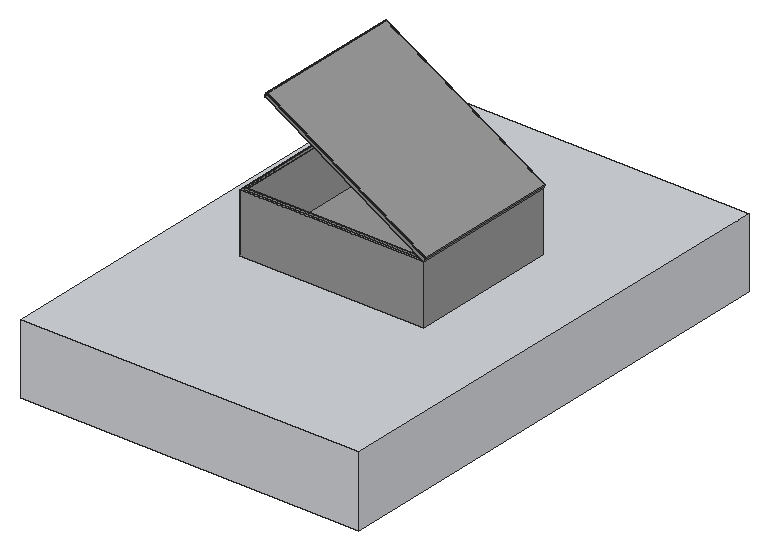
Revit family "Hager-Univers-IP55-D275-H650-Cl.II-Steel_encl-AT-de", category Equipement électrique, Revit 2020
Family settings
  Hôte = Face
  Configuration du panneau = Deux colonnes, circuits au sein
  Cote de connecteur circulaire = Utiliser le diamètre
  Type d'élément = Tableau de raccordement
  Couper avec des vides une fois chargée = Non
  Partagée = Non
  Point de calcul de pièce = Non
Parameters (values of type "Aufputz IP55 B800 H650 T275  - FR43S")
  Width Control [instance] = if([EF000008 - Breite] > Min Width, [EF000008 - Breite], Min Width)  # 800 mm
  Commentaires du type = [HG000003 - Bereich]  # "Univers"
  Thickness Door [instance] = if([EF009171 - Materialstärke Tür/Deckel] > 3 mm, 3 mm, [EF009171 - Materialstärke Tür/Deckel])  # 1.5 mm
  Seal Frame Offset [instance] = 17 mm  # constant formula
  Plinth Visibility [instance] = [HG000027 - Sockelhöhe] > 0 mm  # no
  Model = ""
  Min Width [instance] = 100 mm  # constant formula
  Min Height [instance] = 100 mm  # constant formula
  Min Depth [instance] = (2 * [EF009170 - Materialstärke Gehäuse]) + 1 mm  # 4 mm
  Internal Frame Depth [instance] = (Door System Depth * 0.5)  # 9 mm
  Height Control [instance] = if([EF000040 - Höhe] > Min Height, [EF000040 - Höhe], Min Height)  # 650 mm
  HG000027 - Sockelhöhe = 0 mm
  HG000026 - Stehend auf dem Boden = no
  HG000024 - Höhe des unteren Teils = 800 mm
  HG000023 - Gehäuse mit doppeltem Querschnitt = no
  HG000016 - 3D-Türsichtbarkeit [instance] = yes
  HG000015 - Sichtbarkeit der Türöffnung [instance] = no
  HG000014 - Tür rechts [instance] = yes
  HG000013 - Tür links [instance] = not([HG000014 - Tür rechts])  # no
  HG000012 - Türschwenkwinkel [instance] = 30.00°
  HG000010 - Asymmetrische Türen = no
  HG000009 - Doppelflügeligen Tür = no
  HG000006 - Unterputz = no
  HG000004 - Herstellerreferenz = "FR43S"
  HG000003 - Bereich = "Univers"
  HG000002 - Mit tür = yes
  Frame Offset Bottom [instance] = 10 mm  # constant formula
  Frame Offset [instance] = 15 mm  # constant formula
  EF015940 - Deckel mit Überdruckentlastung = no
  EF011959 - Schutzart (NEMA) = ""
  EF009554 - Anzahl der Öffnungen für Flanschplatten = 6
  Fabricant = "Hager"  # constant formula
  EF009212 - Ausführung Deckel = "EV000116 - geschlossen"
  EF009171 - Materialstärke Tür/Deckel = 1.5 mm
  EF009170 - Materialstärke Gehäuse = 1.5 mm
  EF008873 - Nennstrom (In) = 800 A
  EF007800 - Geeignet für Blitzschutz = no
  EF006306 - Mit Schloss = no
  EF006244 - Transparenter Deckel/Tür = no
  EF005474 - Schutzart (IP) = "EV006420 - IP55"
  EF004464 - Art der Tür = "EV002646 - Einzel"
  EF004427 - Anzahl der Module = 144
  EF004293 - Schlagfestigkeit = "EV008784 - IK10"
  EF003532 - Geeignet für Außengebrauch = no
  EF002950 - Breite in Teilungseinheiten = 24
  EF001613 - Funktionserhalt = "EV000494 - ohne"
  EF001596 - Werkstoff des Gehäuses = "EV000179 - Stahl"
  EF001131 - Innentiefe = 275 mm
  EF001088 - Anbaumöglichkeit = yes
  EF000437 - Anzahl der Leitungseinführungen = 6
  EF000339 - Art der Abdeckung = "EV004216 - Tür"
  EF000266 - Anzahl der Reihen = 4
  EF000218 - Einbautiefe = 0 mm
  EF000118 - Mit Montageplatte = no
  EF000116 - RAL-Nummer = "7035"
  EF000049 - Tiefe = 275 mm
  EF000040 - Höhe = 650 mm
  EF000008 - Breite = 800 mm
  EF000007 - Farbe = "EV000270 - grau"
  EF000003 - Montageart = "EV000384 - Aufputz"
  Door System Leaf Tolerance [instance] = 1.5 mm  # constant formula
  Door System Depth [instance] = 18 mm  # constant formula
  Door Height [instance] = Height Control - [HG000027 - Sockelhöhe]  # 650 mm
  Depth Control [instance] = if([EF000049 - Tiefe] > Min Depth, [EF000049 - Tiefe], Min Depth)  # 275 mm
  Default Elevation = 0 mm
  Connector Offset [instance] = Height Control / 2  # 325 mm
  Bottom Top Plate Trim [instance] = 1.5 mm  # constant formula
  Plinth height Ctrl [instance] = if([HG000027 - Sockelhöhe] > 0 mm, [HG000027 - Sockelhöhe], 12 mm)  # 12 mm
Types (5, lengths in mm): name | Width Control | HG000010 - Asymmetrische Türen | HG000009 - Doppelflügeligen Tür | HG000004 - Herstellerreferenz | EF009554 - Anzahl der Öffnungen für Flanschplatten | EF004464 - Art der Tür | EF004427 - Anzahl der Module | EF000437 - Anzahl der Leitungseinführungen | EF000008 - Breite
  Aufputz IP55 B1050 H650 T275  - FR44S | 1050 | no | yes | "FR44S" | 8 | "EV003602 - Doppel" | 192 | 8 | 1050
  Aufputz IP55 B1300 H650 T275  - FR45S | 1300 | yes | yes | "FR45S" | 10 | "EV003602 - Doppel" | 240 | 10 | 1300
  Aufputz IP55 B300 H650 T275  - FR41S | 300 | no | no | "FR41S" | 2 | "EV002646 - Einzel" | 48 | 2 | 300
  Aufputz IP55 B550 H650 T275  - FR42S | 550 | no | no | "FR42S" | 4 | "EV002646 - Einzel" | 96 | 4 | 550
  Aufputz IP55 B800 H650 T275  - FR43S | 800 | no | no | "FR43S" | 6 | "EV002646 - Einzel" | 144 | 6 | 800
Reference planes
  plane 1 "Center (Front/Back)": y = 0
  plane 2: z = 0
  plane 3 "Center (Left/Right)": x = 0
  plane 4: z = 275
  plane 5: y = 1.5
  plane 6: y = 325
  plane 7: y = 0
  plane 8: y = 650
  plane 9: z = 0
  plane 10: x = -385
  plane 11: x = 385
  plane 12: x = 383.5
  plane 13: x = -383.5
  plane 14: y = 648.5
  plane 15: x = -383
  plane 16: x = -400
  plane 17: x = 383
  plane 18: x = 400
  plane 19: x = 398.5
  plane 20: x = -398.5
  plane 21: y = 11.5
  plane 22: y = 650
  plane 23: y = 633.5
  plane 24: z = 257
  plane 25: z = 1.5
  plane 26: z = 255.5
  plane 27: z = 273.5
Forms (mm)
  Extrusion 1, solid
    sketch origin (0, 0, 0) x (1, 0, 0) y (0, 1, 0)
      loop
        line (-702.964, 1305) -> (-702.964, -811.445) -> (766.763, -811.445) -> (766.763, 1305) -> (-702.964, 1305)
    from 0 to -304.8
  Extrusion 2, solid, material "Hager_Steel_RAL7035_Light_Grey", visible <- "Plinth Visibility", detail levels medium+fine
    sketch origin (0, 0, 0) x (1, 0, 0) y (0, 1, 0)
      loop
        line (-400, 0) -> (400, 0) -> (400, 12) -> (-400, 12) -> (-400, 0)
    from 0 to 257
  Extrusion 3, solid, material "Hager_Steel_RAL7035_Light_Grey", detail levels medium+fine
    sketch origin (0, 0, 0) x (1, 0, 0) y (0, 1, 0)
      loop
        line (-400, 0) -> (400, 0) -> (400, 650) -> (-400, 650) -> (-400, 0)
    from 0 to 257
  Extrusion 4, void
    sketch origin (0, 0, 0) x (1, 0, 0) y (0, 1, 0)
      loop
        line (-398.5, 1.5) -> (398.5, 1.5) -> (398.5, 648.5) -> (-398.5, 648.5) -> (-398.5, 1.5)
    from 1.5 to 255.5
  Extrusion 5, void
    sketch origin (-381.607, -4572, 257) x (0, -1, 0) y (-1, 0, 0)
      loop
        line (-4583.5, 1.893) -> (-5205.5, 1.893) -> (-5205.5, -765.107) -> (-4583.5, -765.107) -> (-4583.5, 1.893)
    from 0 to 1.5 <- "EF009170 - Materialstärke Gehäuse"
  Extrusion 6, solid, material "Hager_Steel_RAL7035_Light_Grey", detail levels fine
    sketch origin (0, 0, 257) x (1, 0, 0) y (0, 1, 0)
      loop
        line (-383.5, 633.5) -> (-383.5, 11.5) -> (383.5, 11.5) -> (383.5, 633.5) -> (-383.5, 633.5)
      loop
        line (-385, 10) -> (385, 10) -> (385, 635) -> (-385, 635) -> (-385, 10)
    from 0 to 9 <- "Internal Frame Depth"
  Extrusion 7, solid, material "Hager_Steel_RAL7035_Light_Grey", detail levels coarse
    sketch origin (0, 0, 0) x (1, 0, 0) y (0, 1, 0)
      loop
        line (-400, 0) -> (400, 0) -> (400, 650) -> (-400, 650) -> (-400, 0)
    from 0 to 275
  Sweep 8, void
    path in 3D
      loop
        line (-400, 12, 0) -> (400, 12, 0) -> (400, 12, 257) -> (-400, 12, 257) -> (-400, 12, 0)
    profile origin (-400, 12, 128.5) x (-1, 0, 0) y (0, -1, 0)
      loop
        line (0, 0) -> (0, 1.5) -> (-1.5, 1.5)
        arc (-1.5, 1.5) -> (-1.061, 0.439) -> (0, 0) r 1.5
Cuts and joins
  Extrusion 4, Extrusion 5 cuts Extrusion 3
  Sweep 8 cuts Extrusion 2
Lines and regions (mm)
  Masking region 1
    outline origin (0, 0, 0) x (1, 0, 0) y (0, 0, 1)
      loop
        line (-400, 275) -> (-400, 0) -> (400, 0) -> (400, 275) -> (-400, 275)
  Masking region 2, detail levels medium+fine
    outline origin (0, 140, 0) x (0, 1, 0) y (0, 0, 1)
      loop
        line (-140, 0) -> (510, 0) -> (510, 257) -> (-140, 257) -> (-140, 0)
  Masking region 3, not visible, detail levels medium+fine
    outline origin (0, 297.922, 0) x (0, 1, 0) y (0, 0, 1)
      loop
        line (38.578, 0) -> (78.578, 0) -> (78.578, 263.5)
        arc (78.578, 263.5) -> (75.649, 270.571) -> (68.578, 273.5) r 10
        line (68.578, 273.5) -> (38.578, 273.5) -> (38.578, 0)
  Masking region 4, detail levels coarse
    outline origin (0, 0, 180) x (0, 1, 0) y (0, 0, 1)
      loop
        line (0, -180) -> (650, -180) -> (650, 95) -> (0, 95) -> (0, -180)
  Masking region 5, visible <- "Plinth Visibility", detail levels medium+fine
    outline origin (0, 52.24, 12.345) x (0, 0, -1) y (0, 1, 0)
      loop
        line (10.845, -40.24) -> (-243.155, -40.24)
        arc (-243.155, -40.24) -> (-243.594, -41.301) -> (-244.655, -41.74) r 1.5
        line (-244.655, -41.74) -> (-244.655, -52.24) -> (12.345, -52.24) -> (12.345, -41.74)
        arc (12.345, -41.74) -> (11.285, -41.301) -> (10.845, -40.24) r 1.5
  Masking region 6, detail levels medium+fine
    outline origin (-381.607, -4572, 257) x (-1, 0, 0) y (0, -1, 0)
      loop
        line (18.393, -5222) -> (18.393, -4572) -> (-781.607, -4572) -> (-781.607, -5222) -> (18.393, -5222)
  Masking region 7, visible <- "Plinth Visibility", detail levels medium+fine
    outline origin (-381.607, -4727, 257) x (-1, 0, 0) y (0, -1, 0)
      loop
        arc (16.893, -4739) -> (17.332, -4737.939) -> (18.393, -4737.5) r 1.5
        line (18.393, -4737.5) -> (18.393, -4727) -> (-781.607, -4727) -> (-781.607, -4737.5)
        arc (-781.607, -4737.5) -> (-780.546, -4737.939) -> (-780.107, -4739) r 1.5
        line (-780.107, -4739) -> (16.893, -4739)
  Masking region 8, detail levels coarse
    outline origin (-442.548, -4669.526, 257) x (-1, 0, 0) y (0, -1, 0)
      loop
        line (-42.548, -5319.526) -> (-42.548, -4669.526) -> (-842.548, -4669.526) -> (-842.548, -5319.526) -> (-42.548, -5319.526)
  sketch lines
    curve 1: line (-400, 12, 257) -> (-400, 12, 0)
    curve 2: line (400, 12, 257) -> (-400, 12, 257)
    curve 3: line (400, 12, 257) -> (400, 12, 0)
    curve 4: line (-400, 12, 0) -> (400, 12, 0)
Dimensions and locks
  "Depth Control": plane 4 to Extrusion 1
  "HG000027 - Sockelhöhe": plane 1 "Center (Front/Back)" to plane 7
  "EF009170 - Materialstärke Gehäuse": plane 5 to plane 7
  locked: connector elem to plane 3 "Center (Left/Right)"
  equal spacing: plane 8, plane 6, plane 7
  locked: connector elem to plane 6
  "EF009170 - Materialstärke Gehäuse": plane 8 to plane 14
  "EF009170 - Materialstärke Gehäuse": plane 10 to plane 13
  "EF009170 - Materialstärke Gehäuse": plane 12 to plane 11
  "Frame Offset": plane 20 to plane 13
  "Frame Offset": plane 12 to plane 19
  "EF009170 - Materialstärke Gehäuse": plane 16 to plane 20
  "EF009170 - Materialstärke Gehäuse": plane 19 to plane 18
  "Seal Frame Offset": plane 16 to plane 15
  "Seal Frame Offset": plane 17 to plane 18
  "Frame Offset Bottom": plane 21 to plane 5
  "Frame Offset": plane 14 to plane 23
  equal spacing: plane 16, plane 3 "Center (Left/Right)", plane 18
  "Width Control": plane 16 to plane 18
  "EF009170 - Materialstärke Gehäuse": plane 4 to plane 27
  "EF009170 - Materialstärke Gehäuse": plane 24 to plane 26
  "EF009170 - Materialstärke Gehäuse": plane 25 to level
  "Door System Depth": plane 4 to plane 24
  "Height Control": plane 1 "Center (Front/Back)" to Extrusion 7 sketch curve
  "Height Control": Masking region 4 sketch curve to plane 1 "Center (Front/Back)"
  "Height Control": plane 1 "Center (Front/Back)" to plane 22
  "Bottom Top Plate Trim": profile plane to Sweep 8 sketch curve
  "Bottom Top Plate Trim": Sweep 8 sketch curve to profile plane
  "Plinth height Ctrl": plane 1 "Center (Front/Back)" to Extrusion 2 sketch curve
  "Plinth height Ctrl": Masking region 5 sketch curve to plane 1 "Center (Front/Back)"
  "Plinth height Ctrl": plane 1 "Center (Front/Back)" to Masking region 7 sketch curve
  "Thickness Door": Extrusion 6 sketch curve to Extrusion 6 sketch curve  (x3)
  "Thickness Door": cut or joined group of Extrusion 3, Extrusion 4, Extrusion 5 to Extrusion 6 sketch curve
  radius of Masking region 3 sketch curve = 10 mm
  "Bottom Top Plate Trim": radius of Masking region 5 sketch curve  (x2)
  "Bottom Top Plate Trim": radius of Sweep 8 sketch curve
  "Bottom Top Plate Trim": radius of Masking region 7 sketch curve  (x2)
  aligned and locked: plane 2 to Extrusion 1
  aligned and locked: level to Extrusion 1
  aligned and locked: level to Masking region 1 sketch curve
  aligned and locked: Masking region 1 sketch curve to plane 18
  aligned and locked: Masking region 1 sketch curve to plane 16
  aligned and locked: plane 7 to Masking region 2 sketch curve
  aligned and locked: level to Masking region 3 sketch curve
  aligned and locked: Masking region 3 sketch curve to plane 27
  aligned and locked: level to Masking region 2 sketch curve
  aligned and locked: plane 1 "Center (Front/Back)" to Extrusion 2 sketch curve
  aligned and locked: Extrusion 3 sketch curve to plane 7
  aligned and locked: plane 16 to Extrusion 3 sketch curve
  aligned and locked: plane 18 to Extrusion 3 sketch curve
  aligned and locked: plane 20 to Extrusion 4 sketch curve
  aligned and locked: plane 19 to Extrusion 4 sketch curve
  aligned and locked: Extrusion 4 sketch curve to plane 5
  aligned and locked: Extrusion 4 to plane 25
  aligned and locked: plane 26 to Extrusion 4
  aligned and locked: plane 24 to Extrusion 3
  aligned and locked: Extrusion 5 sketch curve to plane 21
  aligned and locked: Extrusion 5 sketch curve to plane 13
  aligned and locked: Extrusion 5 sketch curve to plane 12
  aligned and locked: plane 18 to Extrusion 7 sketch curve
  aligned and locked: plane 1 "Center (Front/Back)" to Extrusion 7 sketch curve
  aligned and locked: plane 16 to Extrusion 7 sketch curve
  aligned and locked: plane 4 to Extrusion 7
  aligned and locked: Extrusion 7 to level
  aligned and locked: level to Masking region 4 sketch curve
  aligned and locked: Masking region 4 sketch curve to plane 1 "Center (Front/Back)"
  aligned and locked: Masking region 4 sketch curve to plane 4
  aligned and locked: nested 1 to level
  aligned and locked: nested 1 to plane 16
  aligned and locked: plane 8 to Extrusion 3 sketch curve
  aligned and locked: plane 23 to Extrusion 5 sketch curve
  aligned and locked: plane 14 to Extrusion 4 sketch curve
  aligned and locked: Masking region 2 sketch curve to plane 8
  aligned and locked: level to Masking region 5 sketch curve
  aligned and locked: plane 16 to Extrusion 2 sketch curve
  aligned and locked: plane 18 to Extrusion 2 sketch curve
  aligned and locked: Masking region 5 sketch curve to plane 24
  aligned and locked: Masking region 2 sketch curve to plane 24
  aligned and locked: plane 24 to Extrusion 2
  aligned and locked: profile plane to Sweep 8 sketch curve  (x2)
  aligned and locked: Masking region 6 sketch curve to plane 18
  aligned and locked: Masking region 6 sketch curve to plane 22
  aligned and locked: Masking region 6 sketch curve to plane 16
  aligned and locked: plane 8 to plane 22
  aligned and locked: Masking region 6 sketch curve to plane 7
  aligned and locked: Masking region 7 sketch curve to plane 16
  aligned and locked: Masking region 7 sketch curve to plane 1 "Center (Front/Back)"
  aligned and locked: Masking region 7 sketch curve to plane 18
  aligned and locked: Masking region 8 sketch curve to plane 1 "Center (Front/Back)"
  aligned and locked: Masking region 8 sketch curve to plane 18
  aligned and locked: Masking region 8 sketch curve to plane 22
  aligned and locked: Masking region 8 sketch curve to plane 16
  aligned and locked: nested 2 to plane 7
  aligned and locked: plane 3 "Center (Left/Right)" to nested 2
  aligned and locked: nested 2 to plane 24
  aligned and locked: Extrusion 6 sketch curve to cut or joined group of Extrusion 3, Extrusion 4, Extrusion 5  (x4)
Automatic sketch dimensions
  Extrusion 1 sketch curve to Extrusion 1 sketch curve = 1469.727 mm
  Extrusion 1 sketch curve to Extrusion 1 sketch curve = 2116.445 mm
  Masking region 1 sketch curve to plane 4 = 0 mm
  plane 6 to Masking region 3 sketch curve = 11.5 mm
  Masking region 3 sketch curve to Masking region 3 sketch curve = 30 mm
  Masking region 5 sketch curve to plane 1 "Center (Front/Back)" = 0 mm
Nested families
  nested 1: "Hager_Enclosure_Symbol" at (-400, 0, 0) x (1, 0, 0) z (0, -1, 0), Height <- "Depth Control", Width <- "Width Control", type "Hager_Enclosure_Symbol"
    with Width_Ctrl 800 mm, Width 800 mm, Height_Ctrl 275 mm, Height 275 mm, A_Width_Int 18.047 mm, A_Width 216.562 mm, A_Height_Ctrl 240.625 mm, A_Height 240.625 mm
  nested 2: "EC000058_Univers_Door" at (0, 0, 257) x (1, 0, 0) z (0, 1, 0), Leaf_Tolerance <- "Door System Leaf Tolerance", Angle <- "HG000012 - Türschwenkwinkel", Door_Depth <- "Door System Depth", Door_Left <- "HG000013 - Tür links", Transparent <- "EF006244 - Transparenter Deckel/Tür", Assymetrical <- "HG000010 - Asymmetrische Türen", Width <- "Width Control", Clearance <- "HG000015 - Sichtbarkeit der Türöffnung", Double <- "HG000009 - Doppelflügeligen Tür", 3d_Door <- "HG000016 - 3D-Türsichtbarkeit", Lock_Visibility <- "EF006306 - Mit Schloss", Width_Ctrl <- "Width Control", Door_Right <- "HG000014 - Tür rechts", Door <- "HG000002 - Mit tür", Height <- "Door Height", Thickness <- "Thickness Door", type "EC000058_Univers_Door", detail levels medium+fine
    with min_wh 4 mm, Width_Ctrl 800 mm, Width 800 mm, Transparent no, Thickness 1.5 mm, Seal_Material Hager_Rubber, Lock_Visibility no, Lock_Material Hager_Plastic_RAL9005_Jet_Black, Leaf_Width 800 mm, Leaf_Tolerance_External_Sides 0 mm, Leaf_Tolerance 1.5 mm, Leaf_Offset 0 mm, Leaf_Height 647 mm, Leaf_2_Width 800 mm, Leaf_2_Offset 400 mm, Leaf_1_Width 800 mm, Leaf_1_Offset 400 mm, Height_Ctrl 650 mm, Height 650 mm, Glass_Material Hager_Glass, Double_Clearance_Ctrl no, Double no, Door_Right_Ctrl yes, Door_Right yes, Door_Material Hager_Steel_RAL7035_Light_Grey, Door_Left_Ctrl no, Door_Left no, Door_Depth 18 mm, Door yes, Clearance_Material Hager_Clearance, Clearance_Depth 800 mm, Clearance_Ctrl no, Clearance no, Assymetrical no, Angle 30.00°, 3d_Door yes
Connectors
  electrical at (0, 325, 0)
    settings: on plane 9, index 1, voltage 0 V, apparent load 0 VA, apparent load phase1 0 VA, apparent load phase2 0 VA, apparent load phase3 0 VA, power factor 1, load classification "Other", number of poles 1, system type 30, power factor state 1, is connector primary yes, connector utility no, sub classification motor no, connector description ""
Definition of nested family "EC000058_Univers_Door"
  Parameters (values of type "EC000058_Univers_Door")
    min_wh [instance] = (2 * Thickness) + 1 mm  # 11 mm
    Width_Ctrl [instance] = 400 mm
    Width [instance] = 500 mm
    Transparent [instance] = yes
    Thickness [instance] = 5 mm
    Seal_Material [instance] = none
    Lock_Visibility [instance] = yes
    Lock_Material [instance] = none
    Leaf_Width [instance] = if((Width_Ctrl - 2 * Leaf_Tolerance_External_Sides) > 0 mm, (Width_Ctrl - 2 * Leaf_Tolerance_External_Sides), min_wh)  # 400 mm
    Leaf_Tolerance_External_Sides [instance] = 0 mm  # constant formula
    Leaf_Tolerance [instance] = 1.5 mm
    Leaf_Offset [instance] = 0 mm  # constant formula
    Leaf_Height [instance] = if((Height_Ctrl - 2 * Leaf_Tolerance) > 0 mm, (Height_Ctrl - 2 * Leaf_Tolerance), min_wh)  # 497 mm
    Leaf_2_Width [instance] = if(and(and(Double, Assymetrical), Door_Left), (Leaf_Width / 3) - (Leaf_Tolerance / 2), if(and(and(Double, Assymetrical), Door_Right), (Leaf_Width / 3) * 2 - (Leaf_Tolerance / 2), if(and(Double, not(Assymetrical)), (Leaf_Width / 2) - Leaf_Tolerance, Leaf_Width)))  # 400 mm
    Leaf_2_Offset [instance] = if(and(Double, Assymetrical), Leaf_2_Width / 2, if(and(Double, not(Assymetrical)), Leaf_Width / 4, Leaf_Width / 2))  # 200 mm
    Leaf_1_Width [instance] = if(and(and(Double, Assymetrical), Door_Right), (Leaf_Width / 3) - (Leaf_Tolerance / 2), if(and(and(Double, Assymetrical), Door_Left), (Width / 3) * 2 - (Leaf_Tolerance / 2), if(and(Double, not(Assymetrical)), (Leaf_Width / 2) - Leaf_Tolerance, Leaf_Width)))  # 400 mm
    Leaf_1_Offset [instance] = if(and(Double, Assymetrical), Leaf_1_Width / 2, if(and(Double, not(Assymetrical)), Leaf_Width / 4, Leaf_Width / 2))  # 200 mm
    Height_Ctrl [instance] = if(Height > min_wh, Height, min_wh)  # 500 mm
    Height [instance] = 500 mm
    Glass_Material [instance] = none
    Double_Clearance_Ctrl [instance] = and(Double, Clearance)  # no
    Double [instance] = no
    Door_Right_Ctrl [instance] = and(or(Door_Right, Double), Door)  # yes
    Door_Right [instance] = yes
    Door_Material [instance] = none
    Door_Left_Ctrl [instance] = and(or(Door_Left, Double), Door)  # no
    Door_Left [instance] = no
    Door_Depth [instance] = 30 mm
    Door [instance] = yes
    Default Elevation = 1219.2 mm
    Clearance_Material [instance] = none
    Clearance_Depth [instance] = if(Leaf_1_Width > Leaf_2_Width, Leaf_1_Width, Leaf_2_Width)  # 400 mm
    Clearance_Ctrl [instance] = and(not(Double), Clearance)  # yes
    Clearance [instance] = yes
    Assymetrical [instance] = yes
    Angle [instance] = 30.00°
    3d_Door [instance] = yes
  Reference planes
    plane 1 "Center (Front/Back)": y = 0
    plane 2 "Bottom": z = 0
    plane 3 "Center (Left/Right)": x = 0
    plane 4: z = 500
    plane 5: x = -200
    plane 6: x = 200
    plane 7: z = 500
    plane 8: x = -200
    plane 9: z = 0
    plane 10: x = 200
    plane 11: y = 0
    plane 12: z = 1.5
    plane 13: x = -600
    plane 14: y = -400
    plane 15: x = 600
    plane 16: x = 0
    plane 17: x = 0
    plane 18: x = -200
    plane 19: x = 200
    plane 20: z = 498.5
  Forms (mm)
    Extrusion 1, solid, material <- "Clearance_Material", visible <- "Double_Clearance_Ctrl"
      sketch origin (1200, 0, 0) x (1, 0, 0) y (0, 0, -1)
        loop
          line (-1800, -498.5) -> (-600, -498.5) -> (-600, 0) -> (-1800, 0) -> (-1800, -498.5)
      from 0 to -400
  Dimensions and locks
    equal spacing: plane 5, plane 3 "Center (Left/Right)", plane 6
    "Width_Ctrl": plane 5 to plane 6
    "Leaf_Offset": plane 5 to plane 8
    "Leaf_Offset": plane 6 to plane 10
    "Leaf_Offset": plane 9 to level
    "Leaf_Offset": plane 4 to plane 7
    "Height_Ctrl": plane 4 to level
    "Leaf_Tolerance": plane 12 to plane 9
    locked: plane 11 to plane 1 "Center (Front/Back)"
    "Leaf_1_Offset": plane 18 to plane 16
    "Leaf_2_Offset": plane 17 to plane 19
    "Leaf_1_Width": plane 13 to plane 8
    "Leaf_2_Width": plane 10 to plane 15
    "Clearance_Depth": plane 14 to plane 1 "Center (Front/Back)"
    "Leaf_Tolerance_External_Sides": plane 8 to plane 18
    "Leaf_Tolerance_External_Sides": plane 19 to plane 10
    "Leaf_Tolerance": plane 7 to plane 20
    aligned and locked: level to plane 2 "Bottom"
    aligned and locked: nested 1 to plane 16
    aligned and locked: nested 2 to plane 17
    aligned and locked: Extrusion 1 to plane 13
    aligned and locked: plane 15 to Extrusion 1
    aligned and locked: Extrusion 1 to plane 14
    aligned and locked: plane 12 to nested 1
    aligned and locked: nested 2 to plane 12
    aligned and locked: Extrusion 1 to plane 11
    aligned and locked: plane 20 to Extrusion 1
    aligned and locked: nested 2 to plane 11
    aligned and locked: nested 1 to plane 11
  Automatic sketch dimensions
    Extrusion 1 sketch curve to level = 0 mm
    plane 5 to Extrusion 1 sketch curve = 400 mm
    plane 6 to Extrusion 1 sketch curve = 400 mm
    Extrusion 1 sketch curve to plane 4 = 1.5 mm
  Nested families
    nested 1: "EC000058_Univers_Door_Leaf" at (0, 0, 1.5), Width <- "Leaf_1_Width", visible <- "Door_Left_Ctrl", Leaf_Height <- "Leaf_Height", Angle <- "Angle", 3d_Door <- "3d_Door", Transparent <- "Transparent", Clearance Material <- "Clearance_Material", Clearance <- "Clearance_Ctrl", Door_Material <- "Door_Material", Glass_Material <- "Glass_Material", Door_Depth <- "Door_Depth", Lock_Material <- "Lock_Material", Seal_Material <- "Seal_Material", Lock_Visibility <- "Lock_Visibility", Thickness <- "Thickness", type "EC000058_Univers_Door_Leaf"
      with Width 400 mm, Transparent_Glass_Offset 30 mm, Transparent_Ctrl yes, Transparent yes, Thickness 5 mm, Standard no, Seal_Material none, Seal_D2 8 mm, Seal_D1 1 mm, Offset_Internal_Frame 10 mm, Lock_Width 20 mm, Lock_Visibility_3d yes, Lock_Visibility yes, Lock_Thickness_3 3 mm, Lock_Thickness_2 1 mm, Lock_Thickness_1 3 mm, Lock_Radius_Offset_2 16 mm, Lock_Radius_Offset_1 15 mm, Lock_Radius_2 5 mm, Lock_Radius 6 mm, Lock_Offset 5 mm, Lock_Material none, Lock_Height 80 mm, Lock_Cover_Top_Offset_2d 17 mm, Lock_Cover_Height -65 mm, Leaf_Height 497 mm, Internal_Seal_Thickness 8 mm, Internal_Seal_Depth_2 4.5 mm, Internal_Frame_Depth 25 mm, Glass_Thickness -1 mm, Glass_Offset -2 mm, Glass_Material none, Door_Material none, Door_Depth 30 mm, Clearance Material none, Clearance yes, Angle_Ctrl 30.00°, Angle 30.00°, 3d_Door yes
    nested 2: "EC000058_Univers_Door_Leaf" at (0, 0, 1.5) x (-1, 0, 0) z (0, 0, 1), Width <- "Leaf_2_Width", visible <- "Door_Right_Ctrl", Leaf_Height <- "Leaf_Height", Angle <- "Angle", 3d_Door <- "3d_Door", Transparent <- "Transparent", Clearance Material <- "Clearance_Material", Clearance <- "Clearance_Ctrl", Door_Material <- "Door_Material", Glass_Material <- "Glass_Material", Door_Depth <- "Door_Depth", Lock_Material <- "Lock_Material", Seal_Material <- "Seal_Material", Lock_Visibility <- "Lock_Visibility", Thickness <- "Thickness", type "EC000058_Univers_Door_Leaf"
      with Width 400 mm, Transparent_Glass_Offset 30 mm, Transparent_Ctrl yes, Transparent yes, Thickness 5 mm, Standard no, Seal_Material none, Seal_D2 8 mm, Seal_D1 1 mm, Offset_Internal_Frame 10 mm, Lock_Width 20 mm, Lock_Visibility_3d yes, Lock_Visibility yes, Lock_Thickness_3 3 mm, Lock_Thickness_2 1 mm, Lock_Thickness_1 3 mm, Lock_Radius_Offset_2 16 mm, Lock_Radius_Offset_1 15 mm, Lock_Radius_2 5 mm, Lock_Radius 6 mm, Lock_Offset 5 mm, Lock_Material none, Lock_Height 80 mm, Lock_Cover_Top_Offset_2d 17 mm, Lock_Cover_Height -65 mm, Leaf_Height 497 mm, Internal_Seal_Thickness 8 mm, Internal_Seal_Depth_2 4.5 mm, Internal_Frame_Depth 25 mm, Glass_Thickness -1 mm, Glass_Offset -2 mm, Glass_Material none, Door_Material none, Door_Depth 30 mm, Clearance Material none, Clearance yes, Angle_Ctrl 30.00°, Angle 30.00°, 3d_Door yes
  Definition of nested family "EC000058_Univers_Door_Leaf"
    Parameters (values of type "EC000058_Univers_Door_Leaf")
      Width [instance] = 2000 mm
      Transparent_Glass_Offset [instance] = 30 mm
      Transparent_Ctrl [instance] = and(Transparent, [3d_Door])  # yes
      Transparent [instance] = yes
      Thickness [instance] = 5 mm
      Standard [instance] = and(not(Transparent), [3d_Door])  # no
      Seal_Material [instance] = none
      Seal_D2 [instance] = 8 mm  # constant formula
      Seal_D1 [instance] = 1 mm  # constant formula
      Offset_Internal_Frame [instance] = 10 mm  # constant formula
      Lock_Width [instance] = 20 mm  # constant formula
      Lock_Visibility_3d [instance] = and(Lock_Visibility, [3d_Door])  # yes
      Lock_Visibility [instance] = yes
      Lock_Thickness_3 [instance] = 3 mm  # constant formula
      Lock_Thickness_2 [instance] = 1 mm  # constant formula
      Lock_Thickness_1 [instance] = 3 mm  # constant formula
      Lock_Radius_Offset_2 [instance] = Lock_Radius_Offset_1 + 1 mm  # 16 mm
      Lock_Radius_Offset_1 [instance] = 15 mm  # constant formula
      Lock_Radius_2 [instance] = Lock_Radius - 1 mm  # 5 mm
      Lock_Radius [instance] = 6 mm  # constant formula
      Lock_Offset [instance] = 5 mm  # constant formula
      Lock_Material [instance] = none
      Lock_Height [instance] = 80 mm  # constant formula
      Lock_Cover_Top_Offset_2d [instance] = Lock_Radius_Offset_2 + 1 mm  # 17 mm
      Lock_Cover_Height [instance] = -(Lock_Height - Lock_Radius_Offset_1)  # -65 mm
      Leaf_Height [instance] = 2720.336 mm
      Internal_Seal_Thickness [instance] = 8 mm  # constant formula
      Internal_Seal_Depth_2 [instance] = 4.5 mm  # constant formula
      Internal_Frame_Depth [instance] = if(Door_Depth - Thickness > 5 mm, Door_Depth - Thickness, 5 mm)  # 25 mm
      Glass_Thickness [instance] = if(Thickness > 15 mm, Glass_Offset + 10 mm, -1 mm)  # -1 mm
      Glass_Offset [instance] = if(Thickness > 15 mm, -(Thickness + 10 mm) / 2, -2 mm)  # -2 mm
      Glass_Material [instance] = none
      Door_Material [instance] = none
      Door_Depth [instance] = 30 mm
      Default Elevation = 0 mm
      Clearance Material [instance] = none
      Clearance [instance] = yes
      Angle_Ctrl [instance] = if(Angle > 180.00°, 180.00°, Angle)  # 90.00°
      Angle [instance] = 90.00°
      3d_Door [instance] = yes
    Reference planes
      plane 1 "Center (Front/Back)": y = 0
      plane 2: z = 0
      plane 3 "Center (Left/Right)": x = 0
      plane 4: y = 2000
      plane 5: x = -1000
      plane 6: x = 1000
      plane 7: x = -3000
      plane 8: z = 2720.336
      plane 9: z = 30
      plane 10: z = 2690.336
      plane 11: x = 970
      plane 12: x = -970
      plane 13: y = -3
      plane 14: z = 107.833
      plane 15: y = -5
      plane 16: y = -223.314
      plane 17: x = -1000
      plane 18: z = 1360.168
      plane 19: y = 30
    Forms (mm)
      Extrusion 1, solid, material <- "Clearance Material", visible <- "Clearance"
        sketch origin (0, 0, 0) x (1, 0, 0) y (0, 0, 1)
          loop
            line (-3000, 2720.336) -> (-3000, 0) -> (1000, 0) -> (1000, 2720.336) -> (-3000, 2720.336)
        from 0 to -2000
      Extrusion 2, solid, material <- "Door_Material", visible <- "Standard", detail levels medium+fine
        sketch origin (-1000, 0, 0) x (0, 1, 0) y (-1, 0, 0)
          loop
            line (0, 30) -> (0, 25) -> (2000, 25) -> (2000, 30) -> (0, 30)
        from 0 to 2720.336 <- "Leaf_Height"
      Extrusion 3, solid, material <- "Door_Material", visible <- "Transparent_Ctrl", detail levels medium+fine
        sketch origin (-1000, 0, 0) x (0, 1, 0) y (-1, 0, 0)
          loop
            line (0, 25) -> (2000, 25) -> (2000, 30) -> (0, 30) -> (0, 25)
        from 0 to 2720.336 <- "Leaf_Height"
      Extrusion 4, void
        sketch origin (-1025, 2000, 0) x (0, 1, 0) y (0, 0, -1)
          loop
            line (-30, -2690.336) -> (-30, -30) -> (-1970, -30) -> (-1970, -2690.336) -> (-30, -2690.336)
        from 0 to 5 <- "Thickness"
      Sweep 5, solid, material <- "Seal_Material", visible <- "Transparent_Ctrl", detail levels fine
        path in 3D
          loop
            line (-1025, 30, 30) -> (-1025, 30, 2690.336) -> (-1025, 1970, 2690.336) -> (-1025, 1970, 30) -> (-1025, 30, 30)
        profile origin (-1025, 1000, 30) x (1, 0, 0) y (0, 0, 1)
          loop
            line (0, 0) -> (0, -8) -> (1, -8) -> (1, 0) -> (0, 0)
      Extrusion 6, solid, material <- "Glass_Material", visible <- "Transparent_Ctrl", detail levels medium+fine
        sketch origin (-1030, 0, 0) x (0, 1, 0) y (0, 0, -1)
          loop
            line (1970, -2690.336) -> (1970, -30) -> (30, -30) -> (30, -2690.336) -> (1970, -2690.336)
        from -2 <- "Glass_Offset" to -1 <- "Glass_Thickness"
      Extrusion 7, solid, material <- "Door_Material", visible <- "3d_Door", detail levels medium+fine
        sketch origin (-1025, 2000, 0) x (0, -1, 0) y (0, 0, -1)
          loop
            line (0, -2720.336) -> (2000, -2720.336) -> (2000, 0) -> (0, 0) -> (0, -2720.336)
          loop
            line (1995, -5) -> (5, -5) -> (5, -2715.336) -> (1995, -2715.336) -> (1995, -5)
        from 0 to 25 <- "Internal_Frame_Depth"
      Sweep 8, solid, material <- "Seal_Material", visible <- "Transparent_Ctrl", detail levels fine
        path in 3D
          loop
            line (-1025, 0, 0) -> (-1025, 2000, 0) -> (-1025, 2000, 2720.336) -> (-1025, 0, 2720.336) -> (-1025, 0, 0)
        profile origin (-1025, 0, 1360.168) x (1, 0, 0) y (0, 1, 0)
          loop
            line (0, 10) -> (2.975, 10)
            arc (2.975, 10) -> (4.053, 10.447) -> (4.5, 11.525) r 1.525
            line (4.5, 11.525) -> (4.5, 16.527)
            arc (4.5, 16.527) -> (4.069, 17.569) -> (3.027, 18) r 1.473
            line (3.027, 18) -> (0, 18) -> (0, 10)
      Extrusion 9, solid, material <- "Lock_Material", visible <- "Lock_Visibility_3d", detail levels fine
        sketch origin (-1030, 0, 0) x (0, 1, 0) y (0, 0, -1)
          loop
            arc (1993.5, -1400.168) -> (1994.561, -1399.729) -> (1995, -1398.668) r 1.5
            line (1995, -1398.668) -> (1995, -1320.168) -> (1975, -1320.168) -> (1975, -1398.668)
            arc (1975, -1398.668) -> (1975.439, -1399.729) -> (1976.5, -1400.168) r 1.5
            line (1976.5, -1400.168) -> (1993.5, -1400.168)
        from 3 <- "Lock_Thickness_1" to 0
      Blend 10, solid, material <- "Lock_Material", visible <- "Lock_Visibility_3d", detail levels fine
        base sketch origin (-1033, 0, 0) x (0, 1, 0) y (0, 0, -1)
          loop
            line (1975, -1320.168) -> (1975, -1398.668)
            arc (1975, -1398.668) -> (1975.439, -1399.729) -> (1976.5, -1400.168) r 1.5
            line (1976.5, -1400.168) -> (1993.5, -1400.168)
            arc (1993.5, -1400.168) -> (1994.561, -1399.729) -> (1995, -1398.668) r 1.5
            line (1995, -1398.668) -> (1995, -1320.168) -> (1975, -1320.168)
        top sketch origin (-1033, 0, 0) x (0, 1, 0) y (0, 0, -1)
          loop
            line (1976, -1320.168) -> (1976, -1398.668)
            arc (1976, -1398.668) -> (1976.146, -1399.022) -> (1976.5, -1399.168) r 0.5
            line (1976.5, -1399.168) -> (1993.5, -1399.168)
            arc (1993.5, -1399.168) -> (1993.854, -1399.022) -> (1994, -1398.668) r 0.5
            line (1994, -1398.668) -> (1994, -1320.168) -> (1976, -1320.168)
        from 0 to 1 <- "Lock_Thickness_2"
      Blend 11, solid, material <- "Lock_Material", visible <- "Lock_Visibility_3d", detail levels fine
        base sketch origin (-1034, 0, 0) x (0, 1, 0) y (0, 0, -1)
          loop
            line (1978, -1320.168) -> (1978, -1384.168)
            arc (1978, -1384.168) -> (1985, -1391.168) -> (1992, -1384.168) r 7
            line (1992, -1384.168) -> (1992, -1320.168) -> (1978, -1320.168)
        top sketch origin (-1034, 0, 0) x (0, 1, 0) y (0, 0, -1)
          loop
            line (1991, -1320.168) -> (1979, -1320.168) -> (1979, -1383.168)
            arc (1979, -1383.168) -> (1985, -1389.168) -> (1991, -1383.168) r 6
            line (1991, -1383.168) -> (1991, -1320.168)
        from 0 to 3 <- "Lock_Thickness_3"
      Extrusion 12, solid, material <- "Lock_Material", visible <- "Lock_Visibility_3d", detail levels fine
        sketch origin (-1030, 1975, 1320.168) x (1, 0, 0) y (0, -1, 0)
          loop
            line (-7, -19) -> (-7, -1) -> (0, -1) -> (0, 0) -> (-8, 0) -> (-8, -20) -> (0, -20) -> (0, -19) -> (-7, -19)
        from 0 to -65 <- "Lock_Cover_Height"
      Extrusion 13, void
        sketch origin (-1038, 1995, 1320.168) x (-1, 0, 0) y (0, 0, -1)
          loop
            line (-5, -65) -> (0, -65) -> (-5, -60) -> (-5, -65)
        from 0 to 20 <- "Lock_Width"
      Extrusion 14, void
        sketch origin (-1038, 1975, 1320.168) x (0, -1, 0) y (0, 0, -1)
          loop
            circle (-10, -15.995) r 6
          loop
            circle (-10, -15.995) r 5
        from 0 to 2
      Extrusion 15, solid, material <- "Lock_Material", visible <- "Lock_Visibility_3d", detail levels medium
        sketch origin (-1030, 0, 0) x (0, 1, 0) y (0, 0, -1)
          loop
            arc (1993.5, -1400.168) -> (1994.561, -1399.729) -> (1995, -1398.668) r 1.5
            line (1995, -1398.668) -> (1995, -1320.168) -> (1975, -1320.168) -> (1975, -1398.668)
            arc (1975, -1398.668) -> (1975.439, -1399.729) -> (1976.5, -1400.168) r 1.5
            line (1976.5, -1400.168) -> (1993.5, -1400.168)
        from 8 to 0
    Cuts and joins
      Extrusion 4 cuts Extrusion 3
      Extrusion 13, Extrusion 14 cuts Extrusion 9
      Extrusion 14 cuts Blend 11
      Extrusion 13, Extrusion 14 cuts Extrusion 12
      joined: Extrusion 9, Blend 10, Blend 11, Extrusion 12
      Extrusion 14 cuts Extrusion 15
    Lines and regions (mm)
      Masking region 1, visible <- "Lock_Visibility", detail levels fine
        outline origin (0, 0, 0) x (0, 1, 0) y (0, 0, 1)
          loop
            line (30, 1320.168) -> (33, 1320.168) -> (33, 1400.168) -> (30, 1400.168) -> (30, 1320.168)
      Masking region 2, visible <- "Lock_Visibility", detail levels fine
        outline origin (0, 3.143, 0) x (0, 1, 0) y (0, 0, 1)
          loop
            line (29.857, 1354.168) -> (30.857, 1354.168) -> (30.857, 1366.168) -> (29.857, 1366.168) -> (29.857, 1354.168)
      Masking region 3, detail levels medium+fine
        outline origin (0, 0, 0) x (0, 1, 0) y (0, 0, 1)
          loop
            line (0, 0) -> (30, 0) -> (30, 2720.336) -> (0, 2720.336) -> (0, 0)
      Masking region 4, detail levels medium+fine
        outline origin (0, 0, 0) x (1, 0, 0) y (0, 0, 1)
          loop
            line (-1000, 2720.336) -> (-1000, 0) -> (1000, 0) -> (1000, 2720.336) -> (-1000, 2720.336)
      Masking region 5, visible <- "Lock_Visibility", detail levels fine
        outline origin (-47.116, 0, 0) x (1, 0, 0) y (0, 0, 1)
          loop
            arc (1024.616, 1399.168) -> (1023.556, 1398.729) -> (1023.116, 1397.668) r 1.5
            line (1023.116, 1397.668) -> (1023.116, 1320.168) -> (1041.116, 1320.168) -> (1041.116, 1397.668)
            arc (1041.116, 1397.668) -> (1040.677, 1398.729) -> (1039.616, 1399.168) r 1.5
            line (1039.616, 1399.168) -> (1024.616, 1399.168)
      Masking region 6, visible <- "Lock_Visibility", detail levels medium+fine
        outline origin (-25, 0, 0) x (1, 0, 0) y (0, 0, 1)
          loop
            arc (1001.5, 1400.168) -> (1000.439, 1399.729) -> (1000, 1398.668) r 1.5
            line (1000, 1398.668) -> (1000, 1320.168) -> (1020, 1320.168) -> (1020, 1398.668)
            arc (1020, 1398.668) -> (1019.561, 1399.729) -> (1018.5, 1400.168) r 1.5
            line (1018.5, 1400.168) -> (1001.5, 1400.168)
      Masking region 7, visible <- "Lock_Visibility", detail levels fine
        outline origin (-73.735, 0, 0) x (1, 0, 0) y (0, 0, 1)
          loop
            line (1051.735, 1382.168) -> (1065.735, 1382.168) -> (1065.735, 1384.168)
            arc (1065.735, 1384.168) -> (1058.735, 1391.168) -> (1051.735, 1384.168) r 7
            line (1051.735, 1384.168) -> (1051.735, 1382.168)
      Masking region 8, visible <- "Lock_Visibility", detail levels fine
        outline origin (-73.735, 0, 0) x (1, 0, 0) y (0, 0, 1)
          loop
            line (1052.735, 1382.168) -> (1064.735, 1382.168) -> (1064.735, 1383.168)
            arc (1064.735, 1383.168) -> (1058.735, 1389.168) -> (1052.735, 1383.168) r 6
            line (1052.735, 1383.168) -> (1052.735, 1382.168)
      Masking region 9, visible <- "Lock_Visibility", detail levels fine
        outline origin (-25, 0, 0) x (1, 0, 0) y (0, 0, 1)
          loop
            line (1020, 1320.168) -> (1020, 1382.168) -> (1000, 1382.168) -> (1000, 1320.168) -> (1020, 1320.168)
      Masking region 10, detail levels medium+fine
        outline origin (0, 0, 0) x (1, 0, 0) y (0, 0, 1)
          loop
            circle (985, 1335.144) r 6
      Masking region 11, detail levels fine
        outline origin (0, 0, 0) x (1, 0, 0) y (0, 0, 1)
          loop
            circle (985, 1335.144) r 5
      Masking region 12, visible <- "Lock_Visibility", detail levels fine
        outline origin (0, 12.767, 0) x (0, 1, 0) y (0, 0, 1)
          loop
            line (20.233, 1320.168) -> (21.233, 1320.168) -> (21.233, 1399.168) -> (20.233, 1400.168) -> (20.233, 1320.168)
      Masking region 13, visible <- "Lock_Visibility", detail levels fine
        outline origin (0, 13.767, -10) x (0, 1, 0) y (0, 0, 1)
          loop
            line (20.233, 1330.168) -> (23.233, 1330.168) -> (23.233, 1399.168) -> (20.233, 1402.168) -> (20.233, 1330.168)
      Masking region 14, visible <- "Lock_Visibility", detail levels fine
        outline origin (0, 12.767, -10) x (0, 1, 0) y (0, 0, 1)
          loop
            line (20.233, 1330.168) -> (25.233, 1330.168) -> (25.233, 1399.305) -> (20.233, 1394.305) -> (20.233, 1330.168)
      Masking region 15, visible <- "Lock_Visibility", detail levels medium
        outline origin (0, 0, 0) x (0, 1, 0) y (0, 0, 1)
          loop
            line (30, 1320.168) -> (38, 1320.168) -> (38, 1400.168) -> (30, 1400.168) -> (30, 1320.168)
      Masking region 16, visible <- "Lock_Visibility", detail levels fine
        outline origin (-1000, 0, 0) x (0, 1, 0) y (-1, 0, 0)
          loop
            line (1975, 30) -> (1995, 30) -> (1995, 38) -> (1975, 38) -> (1975, 30)
          loop
            line (1979, 37) -> (1976, 37) -> (1976, 34) -> (1978, 34) -> (1979, 37)
          loop
            line (1994, 37) -> (1991, 37) -> (1992, 34) -> (1994, 34) -> (1994, 37)
      Masking region 17, visible <- "Lock_Visibility", detail levels medium
        outline origin (-1000, 0, 0) x (0, 1, 0) y (-1, 0, 0)
          loop
            line (1975, 30) -> (1995, 30) -> (1995, 38) -> (1975, 38) -> (1975, 30)
      symbolic lines
        curve 1: line (1000, 0, 0) -> (-3000, 0, 0)
        curve 2: arc (1000, 0, 0) -> (-1000, 2000, 0) -> (-3000, 0, 0) r 2000
        curve 4: line (-1030, 0, 0) -> (-1030, 2000, 0)
      reference lines
        curve 3: line (-1000, 0, 0) -> (-1000, 2000, 0)
      symbolic lines, detail levels medium+fine
        curve 5: line (-1030, 2000, 0) -> (-1025, 2000, 0)
        curve 7: line (-1025, 0, 0) -> (-1030, 0, 0)
        curve 8: line (-1025, 0, 0) -> (-1000, 0, 0)
        curve 9: line (-1000, 0, 0) -> (-1000, 2000, 0)
        curve 10: line (-1000, 2000, 0) -> (-1025, 2000, 0)
      symbolic lines, detail levels fine
        curve 6: line (-1025, 2000, 0) -> (-1025, 0, 0)
      sketch lines
        curve 11: line (-1025, 0, 2720.336) -> (-1025, 0, 0)
        curve 12: line (-1025, 2000, 0) -> (-1025, 0, 0)
        curve 13: line (-1025, 2000, 2720.336) -> (-1025, 2000, 0)
        curve 14: line (-1025, 0, 2720.336) -> (-1025, 2000, 2720.336)
        curve 15: line (-1025, 1970, 30) -> (-1025, 30, 30)
        curve 16: line (-1025, 30, 30) -> (-1025, 30, 2690.336)
        curve 17: line (-1025, 1970, 2690.336) -> (-1025, 1970, 30)
        curve 18: line (-1025, 30, 2690.336) -> (-1025, 1970, 2690.336)
      symbolic lines, visible <- "Transparent", detail levels medium+fine
        curve 19: line (-970, 0, 2690.336) -> (970, 0, 2690.336)
        curve 20: line (-970, 0, 30) -> (-970, 0, 2690.336)
        curve 21: line (970, 0, 30) -> (-970, 0, 30)
        curve 22: line (970, 0, 2690.336) -> (970, 0, 30)
    Dimensions and locks
      "Width": plane 1 "Center (Front/Back)" to plane 4
      equal spacing: plane 5, plane 3 "Center (Left/Right)", plane 6
      "Width": plane 5 to plane 6
      "Width": plane 7 to plane 5
      "Leaf_Height": plane 8 to level
      "Width": curve 5 to curve 3
      "Width": curve 3 to curve 3
      plane 8 to plane 10 = 30 mm
      plane 9 to level = 30 mm
      plane 12 to plane 5 = 30 mm
      plane 6 to plane 11 = 30 mm
      Extrusion 1 to Extrusion 4 sketch curve = 30 mm
      "Transparent_Glass_Offset": curve 3 to Extrusion 4 sketch curve
      "Transparent_Glass_Offset": Extrusion 4 sketch curve to cut or joined group of Extrusion 3, Extrusion 4  (x2)
      cut or joined group of Extrusion 3, Extrusion 4 to Extrusion 6 sketch curve = 30 mm
      "Transparent_Glass_Offset": cut or joined group of Extrusion 3, Extrusion 4 to Extrusion 4 sketch curve
      "Thickness": curve 6 to curve 4
      "Thickness": Extrusion 7 sketch curve to Extrusion 7 sketch curve  (x4)
      "Door_Depth": curve 4 to curve 3
      "Offset_Internal_Frame": profile plane to Sweep 8 sketch curve
      "Internal_Seal_Thickness": Sweep 8 sketch curve to Sweep 8 sketch curve
      "Internal_Seal_Depth_2": profile plane to Sweep 8 sketch curve
      "Seal_D1": profile plane to Sweep 5 sketch curve
      "Seal_D2": profile plane to Sweep 5 sketch curve
      "Thickness": Extrusion 2 sketch curve to Extrusion 2 sketch curve
      equal spacing: Extrusion 9 sketch curve, plane 18, Extrusion 9 sketch curve  (x2)
      equal spacing: Masking region 1 sketch curve, plane 18, Masking region 1 sketch curve
      "Lock_Height": Masking region 1 sketch curve to Masking region 1 sketch curve
      "Lock_Radius": Masking region 2 sketch curve to plane 18 to Masking region 2 sketch curve
      Masking region 2 sketch curve to Masking region 1 = 1 mm
      "Door_Depth": plane 19 to plane 1 "Center (Front/Back)"
      "Lock_Thickness_1": Masking region 1 sketch curve to plane 19
      "Lock_Width": Extrusion 9 sketch curve to Extrusion 9 sketch curve
      "Lock_Height": Extrusion 9 sketch curve to Extrusion 9 sketch curve
      "Lock_Offset": cut or joined group of Extrusion 3, Extrusion 4 to Extrusion 9 sketch curve
      equal spacing: plane 8, plane 18, level
      "Lock_Radius_Offset_1": Blend 11 sketch curve to Blend 10
      locked: Blend 10 to Blend 11 sketch curve at 2  (x2)
      locked: var sketch to Blend 11 sketch curve at 1  (x2)
      "Lock_Radius_Offset_2": Blend 11 sketch curve to Blend 10
      locked: Extrusion 12 sketch curve to Extrusion 12 sketch curve at 1  (x3)
      Masking region 6 sketch curve to Masking region 6 sketch curve = 80 mm
      "Lock_Height": Masking region 6 sketch curve to Masking region 6 sketch curve
      "Lock_Width": Masking region 6 sketch curve to Masking region 6 sketch curve
      locked: Masking region 6 to Masking region 5 sketch curve at 1  (x3)
      locked: Masking region 5 to Masking region 7 sketch curve at 2  (x2)
      "Lock_Radius_Offset_1": Masking region 5 to Masking region 7 sketch curve
      "Lock_Radius_Offset_2": Masking region 5 to Masking region 8 sketch curve
      locked: Masking region 7 to Masking region 8 sketch curve at 1  (x2)
      "Lock_Cover_Top_Offset_2d": Masking region 5 to Masking region 9 sketch curve
      equal spacing: Masking region 9, Masking region 10 sketch curve, Masking region 9
      equal spacing: Masking region 9, Masking region 11 sketch curve, Masking region 9
      Extrusion 15 sketch curve to Extrusion 15 sketch curve = 80 mm
      "Lock_Width": Extrusion 15 sketch curve to Extrusion 15 sketch curve
      "Lock_Height": Extrusion 15 sketch curve to Extrusion 15 sketch curve
      equal spacing: Extrusion 15 sketch curve, plane 18, Extrusion 15 sketch curve
      "Lock_Thickness_3": Masking region 13 sketch curve to Masking region 13 sketch curve
      "Lock_Height": Masking region 12 sketch curve to Masking region 12 sketch curve
      locked: Masking region 13 sketch curve to Masking region 1 at 8
      locked: Masking region 14 sketch curve to Masking region 13 at 1
      locked: Masking region 14 sketch curve to Masking region 1 at 10.863
      "Lock_Height": Masking region 15 sketch curve to Masking region 15 sketch curve
      "Lock_Offset": Extrusion 15 sketch curve to cut or joined group of Extrusion 3, Extrusion 4
      "Lock_Offset": plane 6 to Masking region 6 sketch curve
      radius of Sweep 8 sketch curve = 1.525 mm
      radius of Sweep 8 sketch curve = 1.473 mm
      radius of Extrusion 9 sketch curve = 1.5 mm  (x2)
      "Lock_Radius": radius of Extrusion 14 sketch curve
      "Lock_Radius_2": radius of Extrusion 14 sketch curve
      "Lock_Radius": radius of Masking region 10 sketch curve
      "Lock_Radius_2": radius of Masking region 11 sketch curve
      radius of Extrusion 15 sketch curve = 1.5 mm  (x2)
      "Angle_Ctrl": angle plane 1 "Center (Front/Back)" to curve 3
      locked: Masking region 12 sketch curve to Masking region 12 sketch curve (angle 45.00°)
      locked: Masking region 13 sketch curve to Masking region 13 sketch curve (angle 45.00°)
      locked: Masking region 14 sketch curve to Masking region 14 sketch curve (angle 45.00°)
      aligned and locked: level to plane 2
      aligned and locked: Extrusion 1 to curve 1
      aligned and locked: plane 6 to Extrusion 1
      aligned and locked: Extrusion 1 to plane 1 "Center (Front/Back)"
      aligned and locked: plane 4 to Extrusion 1
      aligned and locked: plane 8 to Extrusion 1
      aligned and locked: curve 7 to Extrusion 2 sketch curve
      aligned and locked: curve 5 to Extrusion 2 sketch curve
      aligned and locked: curve 7 to Extrusion 3 sketch curve
      aligned and locked: Extrusion 3 sketch curve to curve 4
      aligned and locked: Extrusion 3 sketch curve to curve 6
      aligned and locked: Extrusion 3 sketch curve to curve 5
      aligned and locked: curve 9 to curve 3
      aligned and locked: Extrusion 7 sketch curve to cut or joined group of Extrusion 3, Extrusion 4  (x4)
      aligned and locked: plane 17 to curve 3
      aligned and locked: plane 1 "Center (Front/Back)" to curve 3
      aligned and locked: plane 17 to plane 5
      aligned and locked: Sweep 8 sketch curve to profile plane
      aligned and locked: Sweep 5 sketch curve to profile plane  (x2)
      aligned and locked: Masking region 1 to Masking region 2 sketch curve
      aligned and locked: plane 19 to Masking region 1 sketch curve
      aligned and locked: plane 1 "Center (Front/Back)" to Masking region 3 sketch curve
      aligned and locked: plane 19 to Masking region 3 sketch curve
      aligned and locked: level to Masking region 3 sketch curve
      aligned and locked: Masking region 3 sketch curve to plane 8
      aligned and locked: plane 17 to Masking region 4 sketch curve
      aligned and locked: level to Masking region 4 sketch curve
      aligned and locked: Masking region 4 sketch curve to plane 8
      aligned and locked: plane 12 to curve 20
      aligned and locked: plane 10 to curve 19
      aligned and locked: plane 11 to curve 22
      aligned and locked: curve 21 to plane 9
      aligned and locked: Extrusion 2 sketch curve to cut or joined group of Extrusion 3, Extrusion 4
      aligned and locked: Blend 10 sketch curve to Extrusion 9  (x4)
      aligned and locked: Extrusion 9 to Blend 10 sketch curve
      aligned and locked: Blend 10 to Blend 11 sketch curve
      aligned and locked: Extrusion 12 sketch curve to Blend 11
      aligned and locked: Extrusion 12 sketch curve to Extrusion 9  (x4)
      aligned and locked: Masking region 5 sketch curve to Masking region 6
      aligned and locked: Masking region 9 sketch curve to Masking region 6  (x3)
      aligned and locked: Masking region 12 sketch curve to Masking region 1
      aligned and locked: Masking region 13 sketch curve to Masking region 1
      aligned and locked: Masking region 12 to Masking region 14
      aligned and locked: Masking region 14 sketch curve to Masking region 1
      aligned and locked: Masking region 15 sketch curve to Masking region 14
      aligned and locked: Masking region 13 sketch curve to Masking region 12
      aligned and locked: Masking region 16 sketch curve to cut or joined group of Extrusion 14, Extrusion 15  (x4)
      aligned and locked: Masking region 16 sketch curve to cut or joined group of Extrusion 9, Blend 10, Blend 11, Extrusion 12, Extrusion 13, Extrusion 14  (x6)
      aligned and locked: cut or joined group of Extrusion 9, Blend 10, Blend 11, Extrusion 12, Extrusion 13, Extrusion 14 to Masking region 16 sketch curve
      aligned and locked: Masking region 17 sketch curve to cut or joined group of Extrusion 14, Extrusion 15  (x3)
      aligned and locked: Masking region 17 sketch curve to cut or joined group of Extrusion 9, Blend 10, Blend 11, Extrusion 12, Extrusion 13, Extrusion 14
      aligned and locked: Masking region 9 to Masking region 8 sketch curve
      aligned and locked: Masking region 9 to Masking region 7 sketch curve
    Automatic sketch dimensions
      plane 1 "Center (Front/Back)" to curve 2 = 0 mm
      curve 2 to plane 5 = 0 mm
      Extrusion 1 sketch curve to level = 0 mm
      Extrusion 1 sketch curve to plane 7 = 0 mm
      Extrusion 1 sketch curve to plane 6 = 0 mm
      Extrusion 1 sketch curve to plane 8 = 0 mm
      Extrusion 3 to Extrusion 6 sketch curve = 30 mm  (x4)
      Masking region 4 sketch curve to plane 6 = 0 mm
      Blend 10 sketch curve to Extrusion 9 = 1.5 mm
      Blend 10 sketch curve to Extrusion 9 = 1 mm
      Extrusion 13 sketch curve to Extrusion 12 = 0 mm  (x2)
      Extrusion 12 to Extrusion 13 sketch curve = 3 mm
      Extrusion 13 sketch curve to Extrusion 12 = 5 mm
      Extrusion 14 sketch curve to Extrusion 14 sketch curve = 0 mm  (x2)
      Extrusion 14 sketch curve to Extrusion 12 = 10 mm
      Extrusion 14 sketch curve to Extrusion 12 = 15.995 mm
      Masking region 5 sketch curve to Masking region 5 sketch curve = 1.5 mm  (x2)
      Masking region 10 sketch curve to plane 18 = 25.024 mm
      Masking region 11 sketch curve to plane 18 = 25.024 mm
      plane 19 to Masking region 14 sketch curve = 3 mm
      Masking region 16 sketch curve to Masking region 16 sketch curve = 3 mm
      curve 4 to curve 3 = 0 mm
      Blend 10 to Blend 11 sketch curve = 0 mm
      Masking region 6 sketch curve to Masking region 6 sketch curve = 1.5 mm  (x2)
      Masking region 6 sketch curve to plane 18 = 40 mm
      plane 19 to Masking region 12 sketch curve = 3 mm
      Masking region 12 sketch curve to Masking region 12 sketch curve = 1 mm
      Masking region 15 sketch curve to plane 19 = 0 mm
      Masking region 15 sketch curve to plane 18 = 40 mm
      radius of Blend 10 sketch curve to Extrusion 9 = 1 mm
Definition of nested family "Hager_Enclosure_Symbol"
  Parameters (values of type "Hager_Enclosure_Symbol")
    Width_Ctrl [instance] = if(Width > 1 mm, Width, 1 mm)  # 102.27 mm
    Width [instance] = 102.27 mm
    Height_Ctrl [instance] = if(Height > 1 mm, Height, 1 mm)  # 66.5 mm
    A_Width_Int [instance] = if(A_Width / 12 > 2 mm, A_Width / 12, 2 mm)  # 4.364 mm
    A_Width [instance] = if(A_Height_Ctrl * 0.9 > 2 mm, A_Height_Ctrl * 0.9, 2 mm)  # 52.369 mm
    A_Height_Ctrl [instance] = if(A_Height > 2 mm, A_Height, 2 mm)  # 58.188 mm
    Height [instance] = 66.5 mm
    A_Height [instance] = Height - (Height / 8)  # 58.188 mm
  Reference planes
    plane 1 "Centre (avant/arrière)": y = 0
    plane 2: z = 0
    plane 3 "Centre (gauche/droite)": x = 0
    plane 4: x = 52.369
    plane 5: y = 33.042
    plane 6: y = 41.77
    plane 7: y = 66.5
    plane 8: x = 26.184
    plane 9: y = 37.406
    plane 10: x = 102.27
    plane 11: y = 66.5
    plane 12: y = 8.313
  Lines and regions (mm)
    Filled region 1, type "Solid_Black", in view "Niveau de réf."
      outline origin (0, 0, 0) x (1, 0, 0) y (0, 1, 0)
        loop
          line (52.369, 66.5) -> (33.188, 54.536) -> (45.365, 45.006) -> (52.369, 66.5)
    Filled region 2, type "Solid_Black", in view "Niveau de réf."
      outline origin (0, 0, 0) x (1, 0, 0) y (0, 1, 0)
        loop
          line (0, 0) -> (102.27, 0) -> (102.27, 66.5) -> (0, 0)
    detail lines, in view "Niveau de réf."
      curve 1: line (0, 8.313, 0) -> (26.184, 41.77, 0)
      curve 2: line (26.184, 41.77, 0) -> (26.184, 33.042, 0)
      curve 3: line (26.184, 33.042, 0) -> (52.369, 66.5, 0)
  Dimensions and locks
    "A_Width": plane 3 "Centre (gauche/droite)" to plane 4
    equal spacing: plane 3 "Centre (gauche/droite)", plane 8, plane 4
    equal spacing: plane 6, plane 9, plane 5
    equal spacing: curve 3, Filled region 1 sketch curve, Filled region 1 sketch curve
    "Height_Ctrl": plane 1 "Centre (avant/arrière)" to plane 11
    "A_Height_Ctrl": plane 11 to plane 12
    equal spacing: plane 11, plane 9, plane 12
    "A_Width_Int": plane 6 to plane 9
    "Width_Ctrl": plane 3 "Centre (gauche/droite)" to plane 10
    angle Filled region 1 sketch curve to curve 3 = 20.00°
    angle curve 3 to Filled region 1 sketch curve = 20.00°
    locked: curve 3 to Filled region 1 sketch curve (angle 90.00°)
    aligned and locked: plane 10 to Filled region 2
    aligned and locked: plane 11 to Filled region 2 sketch curve
    aligned and locked: plane 10 to Filled region 2 sketch curve
    aligned and locked: plane 3 "Centre (gauche/droite)" to curve 1
    aligned and locked: plane 12 to curve 1
    aligned and locked: plane 7 to plane 11
  Automatic sketch dimensions
    Filled region 1 sketch curve to plane 4 = 0 mm
    Filled region 1 sketch curve to plane 7 = 0 mm
    plane 1 "Centre (avant/arrière)" to Filled region 2 sketch curve = 0 mm
    Filled region 2 sketch curve to plane 3 "Centre (gauche/droite)" = 0 mm
    curve 2 to plane 6 = 0 mm
    curve 2 to plane 8 = 0 mm
    curve 3 to plane 4 = 0 mm
    curve 2 to plane 5 = 0 mm
    curve 3 to plane 7 = 0 mm
